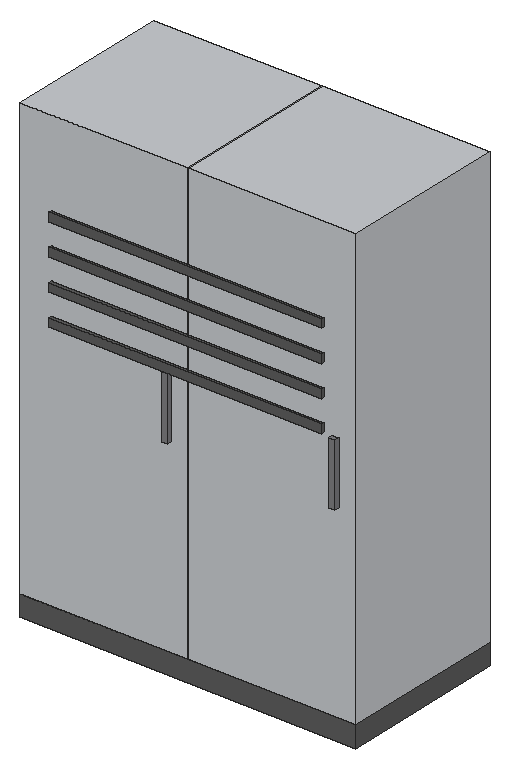
Revit family "EQ_Capacitor Bank", category Electrical Equipment, Revit 2025
Family settings
  Panel Configuration = Two Columns, Circuits Across
  Round Connector Dimension = Use Diameter
  Part Type = Panelboard
  OmniClass Number = 23.80.30.11.17
  OmniClass Title = Distribution Boards and Control Panels
  Work Plane-Based = No
  Always vertical = Yes
  Cut with Voids When Loaded = No
  Maintain Annotation Orientation = No
  Shared = No
  Room Calculation Point = No
Parameters (values of type "300 kVAr 400V 6-step")
  Width = 1600 mm
  built-in parameter 1140142 [instance] = -1
  Rated Output = "300 kVAr (example)"
  built-in parameter 1140140 [instance] = 1 (stored number, unit not read)
  Height = 2200 mm
  built-in parameter 1155100 [instance] = -1
  Depth = 800 mm
  Default Elevation = 0 mm
  Control = "Automatic PF controller, detuned reactor 7%"
Reference planes
  plane 1 "Center (Front/Back)": y = 0
  plane 2: z = 0
  plane 3 "Center (Left/Right)": x = 0
  plane 4 "Front": y = -400
  plane 5 "Back": y = 400
  plane 6 "Top": z = 2200
  plane 7 "Left": x = -800
  plane 8 "Div1": x = 0
  plane 9 "Right": x = 800
Forms (mm)
  Extrusion 1, solid, material "Plinth Black"
    sketch origin (0, 0, 0) x (1, 0, 0) y (0, 1, 0)
      loop
        line (-800, -400) -> (800, -400) -> (800, 400) -> (-800, 400) -> (-800, -400)
    from 0 to 100
  Extrusion 2, solid, material "Capacitor Bank Grey"
    sketch origin (0, 0, 100) x (1, 0, 0) y (0, 1, 0)
      loop
        line (-800, -400) -> (0, -400) -> (0, 400) -> (-800, 400) -> (-800, -400)
    from 0 to 2100
  Extrusion 3, solid, material "Handle Grey"
    sketch origin (0, 0, 1000) x (1, 0, 0) y (0, 1, 0)
      loop
        line (-110, -420) -> (-80, -420) -> (-80, -400) -> (-110, -400) -> (-110, -420)
    from 0 to 300
  Extrusion 4, solid, material "Capacitor Bank Grey"
    sketch origin (0, 0, 100) x (1, 0, 0) y (0, 1, 0)
      loop
        line (0, -400) -> (800, -400) -> (800, 400) -> (0, 400) -> (0, -400)
    from 0 to 2100
  Extrusion 5, solid, material "Handle Grey"
    sketch origin (0, 0, 1000) x (1, 0, 0) y (0, 1, 0)
      loop
        line (690, -420) -> (720, -420) -> (720, -400) -> (690, -400) -> (690, -420)
    from 0 to 300
  Extrusion 6, solid, material "Plinth Black"
    sketch origin (0, 0, 1300) x (1, 0, 0) y (0, 1, 0)
      loop
        line (-650, -415) -> (650, -415) -> (650, -400) -> (-650, -400) -> (-650, -415)
    from 0 to 40
  Extrusion 7, solid, material "Plinth Black"
    sketch origin (0, 0, 1450) x (1, 0, 0) y (0, 1, 0)
      loop
        line (-650, -415) -> (650, -415) -> (650, -400) -> (-650, -400) -> (-650, -415)
    from 0 to 40
  Extrusion 8, solid, material "Plinth Black"
    sketch origin (0, 0, 1600) x (1, 0, 0) y (0, 1, 0)
      loop
        line (-650, -415) -> (650, -415) -> (650, -400) -> (-650, -400) -> (-650, -415)
    from 0 to 40
  Extrusion 9, solid, material "Plinth Black"
    sketch origin (0, 0, 1750) x (1, 0, 0) y (0, 1, 0)
      loop
        line (-650, -415) -> (650, -415) -> (650, -400) -> (-650, -400) -> (-650, -415)
    from 0 to 40
Dimensions and locks
  equal spacing: plane 4 "Front", plane 1 "Center (Front/Back)", plane 5 "Back"
  "Depth": plane 4 "Front" to plane 5 "Back"
  "Height": level to plane 6 "Top"
  equal spacing: plane 7 "Left", plane 8 "Div1", plane 9 "Right"
  equal spacing: plane 7 "Left", plane 3 "Center (Left/Right)", plane 9 "Right"
  "Width": plane 7 "Left" to plane 9 "Right"
  aligned and locked: level to plane 2
  aligned and locked: Extrusion 1 to level
  aligned and locked: Extrusion 1 to plane 9 "Right"
  aligned and locked: plane 5 "Back" to Extrusion 1
  aligned and locked: plane 7 "Left" to Extrusion 1
  aligned and locked: Extrusion 1 to plane 4 "Front"
  aligned and locked: Extrusion 2 to plane 6 "Top"
  aligned and locked: Extrusion 2 to plane 8 "Div1"
  aligned and locked: plane 5 "Back" to Extrusion 2
  aligned and locked: plane 7 "Left" to Extrusion 2
  aligned and locked: Extrusion 2 to plane 4 "Front"
  aligned and locked: plane 4 "Front" to Extrusion 3
  aligned and locked: Extrusion 4 to plane 6 "Top"
  aligned and locked: Extrusion 4 to plane 9 "Right"
  aligned and locked: plane 5 "Back" to Extrusion 4
  aligned and locked: plane 8 "Div1" to Extrusion 4
  aligned and locked: Extrusion 4 to plane 4 "Front"
  aligned and locked: plane 4 "Front" to Extrusion 5
  aligned and locked: plane 4 "Front" to Extrusion 6
  aligned and locked: plane 4 "Front" to Extrusion 7
  aligned and locked: plane 4 "Front" to Extrusion 8
  aligned and locked: plane 4 "Front" to Extrusion 9
Automatic sketch dimensions
  Extrusion 1 sketch curve to plane 4 "Front" = 0 mm
  Extrusion 1 sketch curve to plane 7 "Left" = 0 mm
  Extrusion 1 sketch curve to plane 5 "Back" = 0 mm
  Extrusion 1 sketch curve to plane 9 "Right" = 0 mm
  Extrusion 2 sketch curve to plane 4 "Front" = 0 mm
  Extrusion 2 sketch curve to plane 7 "Left" = 0 mm
  Extrusion 2 sketch curve to plane 3 "Center (Left/Right)" = 0 mm
  Extrusion 2 sketch curve to plane 5 "Back" = 0 mm
  Extrusion 3 sketch curve to plane 4 "Front" = 0 mm
  Extrusion 3 sketch curve to plane 4 "Front" = 20 mm
  Extrusion 3 sketch curve to plane 3 "Center (Left/Right)" = 110 mm
  Extrusion 3 sketch curve to Extrusion 3 sketch curve = 30 mm
  Extrusion 4 sketch curve to plane 3 "Center (Left/Right)" = 0 mm
  Extrusion 4 sketch curve to plane 5 "Back" = 0 mm
  Extrusion 4 sketch curve to plane 9 "Right" = 0 mm
  Extrusion 4 sketch curve to plane 4 "Front" = 0 mm
  Extrusion 5 sketch curve to plane 4 "Front" = 0 mm
  Extrusion 5 sketch curve to plane 4 "Front" = 20 mm
  plane 9 "Right" to Extrusion 5 sketch curve = 110 mm
  Extrusion 5 sketch curve to Extrusion 5 sketch curve = 30 mm
  Extrusion 6 sketch curve to plane 4 "Front" = 0 mm
  Extrusion 6 sketch curve to plane 4 "Front" = 15 mm
  Extrusion 6 sketch curve to plane 7 "Left" = 150 mm
  plane 9 "Right" to Extrusion 6 sketch curve = 150 mm
  Extrusion 7 sketch curve to plane 4 "Front" = 0 mm
  Extrusion 7 sketch curve to plane 4 "Front" = 15 mm
  Extrusion 7 sketch curve to plane 7 "Left" = 150 mm
  plane 9 "Right" to Extrusion 7 sketch curve = 150 mm
  Extrusion 8 sketch curve to plane 4 "Front" = 0 mm
  Extrusion 8 sketch curve to plane 4 "Front" = 15 mm
  Extrusion 8 sketch curve to plane 7 "Left" = 150 mm
  plane 9 "Right" to Extrusion 8 sketch curve = 150 mm
  Extrusion 9 sketch curve to plane 4 "Front" = 0 mm
  Extrusion 9 sketch curve to plane 4 "Front" = 15 mm
  Extrusion 9 sketch curve to plane 7 "Left" = 150 mm
  plane 9 "Right" to Extrusion 9 sketch curve = 150 mm
